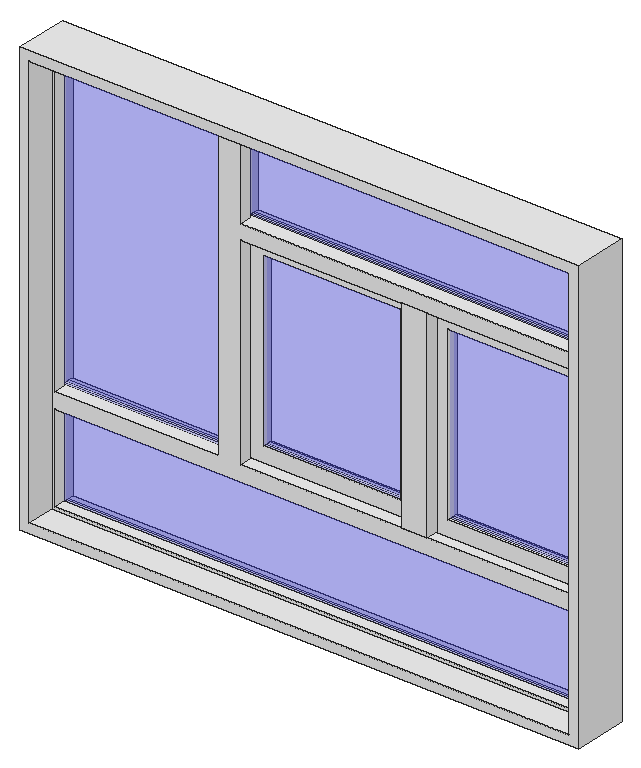
Revit family "M_Janela-batente-duplo-caixilho-variável", category Janelas, Revit 2019
Family settings
  Hospedeiro = Parede
  Número OmniClass = 23.30.20.00
  Título OmniClass = Windows
  Sempre na vertical = Sim
  Corte com vazios quando carregada = Não
  Compartilhado = Não
  Ponto de cálculo do ambiente = Não
Parameters (values of type "1550 x 1200mm")
  Janela aplicada [instance] = 15.9 mm
  Espessura da parede [instance] = 150 mm
  Visual Light Transmittance = 0.81
  Coeficiente da altura da travessa = 0.25
  Altura da travessa = Coeficiente da altura da travessa * Altura  # 300 mm
  Resistência térmica (R) = 0.319569 (m²·K)/W
  Solar Heat Gain Coefficient = 0.76
  Largura bruta = Largura + 15 mm  # 1565 mm
  Altura bruta = Altura + 15 mm  # 1215 mm
  Altura da abertura da janela = Altura - Altura da travessa * 2  # 600 mm
  Coeficiente de transferência de calor (U) = 3.12929 W/(m²·K)
  Material da moldura = Metal - Alum
  Altura = 1200 mm
  Material do painel de vidro = Vidro
  Intervalo da moldura 3 [instance] = Intervalo da moldura 1 + 6.4 mm  # 41.92 mm
  Intervalo da moldura 2 [instance] = if(Janela aplicada > 15.9 mm, Janela aplicada, 15.9 mm)  # 15.9 mm
  Intervalo da moldura 1 = 35.52 mm
  Largura da janela = Largura / 3  # 516.667 mm
  Classificação de incêndio = "0.5h"
  Altura-padrão do peitoril = 900 mm
  Fechamento da parede = Por hospedeiro
  Largura = 1550 mm
  Código de montagem = "B2020100"
  Construção analítica = "Vidraça dupla – residencial"
Types (4, lengths in mm): name | Janela aplicada | Coeficiente da altura da travessa | Altura da travessa | Largura bruta | Altura bruta | Altura da abertura da janela | Altura | Largura da janela | Largura
  (no name) | 15.9 | 0.25 | 300 | 1565 | 1215 | 600 | 1200 | 516.667 | 1550
  1800 x 1350mm | 15.875 | 0.3 | 405 | 1815 | 1365 | 540 | 1350 | 600 | 1800
  1550 x 1200mm | 15.9 | 0.25 | 300 | 1565 | 1215 | 600 | 1200 | 516.667 | 1550
  2150 x 1500mm | 15.875 | 0.3 | 450 | 2165 | 1515 | 600 | 1500 | 716.667 | 2150
Reference planes
  plane 1 "Centro (Frente/Trás)": y = 0
  plane 2: z = 0
  plane 3 "Centro (Esquerda/Direita)": x = 0
  plane 4 "Esquerda": x = -775
  plane 5 "Direita": x = 775
  plane 6 "Peitoril": z = 900
  plane 7 "Extremidade superior": z = 2100
  plane 8 "Exterior": y = 75
  plane 9 "Interior": y = -75
  plane 10 "Vidro 1": y = 59.1
  plane 11: y = 1.95
  plane 12: x = -749.6
  plane 13: x = 749.6
  plane 14: y = 33.7
  plane 15: x = -739.48
  plane 16: x = 739.48
  plane 17: x = -258.333
  plane 18: x = 258.333
  plane 19: x = -283.733
  plane 20: x = -232.933
  plane 21: x = 232.933
  plane 22: x = 283.733
  plane 23: x = -293.854
  plane 24: x = -222.813
  plane 25: x = 222.813
  plane 26: x = 293.854
  plane 27: z = 2074.6
  plane 28: z = 925.4
  plane 29 "Deslocamento do caixilho": y = 65.45
  plane 30: y = 75
  plane 31: x = -707.68
  plane 32: x = -325.654
  plane 33: x = -191.013
  plane 34: x = 191.013
  plane 35: x = 325.654
  plane 36: x = 707.68
  plane 37: z = 935.52
  plane 38: z = 2064.48
  plane 39 "Travessa inferior": z = 1220.96
  plane 40 "Vidro 2": y = 52.75
  plane 41 "Vidro 3": y = 46.4
  plane 42 "Vidro 4": y = 40.05
  plane 43: z = 1500
  plane 44 "Deslocamento do montante": y = 71.8
  plane 45: z = 1179.04
  plane 46: z = 1779.04
  plane 47: z = 1820.96
  plane 48: z = 1800
  plane 49: z = 1200
Forms (mm)
  Sweep 1, solid, material "Metal - Alum" <- "Material da moldura"
    path origin (0, 0, 0) x (1, 0, 0) y (0, 0, 1)
      loop
        line (-775, 900) -> (775, 900) -> (775, 2100) -> (-775, 2100) -> (-775, 900)
    profile origin (-775, 0, 1500) x (-1, 0, 0) y (0, -1, 0)
      loop
        line (0, -75) -> (0, 75) -> (-25.4, 75) -> (-25.4, -1.95) -> (-35.52, -1.95) -> (-35.52, -33.7) -> (-25.4, -33.7) -> (-25.4, -75) -> (0, -75)
  Extrusion 2, solid, material "Metal - Alum" <- "Material da moldura"
    sketch origin (0, 0, 900) x (0, -1, 0) y (1, 0, 0)
      loop
        line (-71.8, -283.733) -> (-1.95, -283.733) -> (-1.95, -222.813) -> (-33.7, -222.813) -> (-33.7, -232.933) -> (-71.8, -232.933) -> (-71.8, -283.733)
    from 320.96 to 1174.6
  Extrusion 3, solid, material "Vidro" <- "Material do painel de vidro"
    sketch origin (0, 0, 900) x (0, -1, 0) y (1, 0, 0)
      loop
        line (-59.1, 325.654) -> (-52.75, 325.654) -> (-52.75, 707.68) -> (-59.1, 707.68) -> (-59.1, 325.654)
      loop
        line (-46.4, 325.654) -> (-40.05, 325.654) -> (-40.05, 707.68) -> (-46.4, 707.68) -> (-46.4, 325.654)
      loop
        line (-59.1, -191.013) -> (-52.75, -191.013) -> (-52.75, 191.013) -> (-59.1, 191.013) -> (-59.1, -191.013)
      loop
        line (-46.4, -191.013) -> (-40.05, -191.013) -> (-40.05, 191.013) -> (-46.4, 191.013) -> (-46.4, -191.013)
    from 362.88 to 837.12
  Extrusion 4, solid, material "Metal - Alum" <- "Material da moldura"
    sketch origin (-191.013, 186.465, 1219.2) x (0, 1, 0) y (0, 0, 1)
      loop
        line (-114.665, 1.76) -> (-184.515, 1.76) -> (-184.515, -40.16) -> (-114.665, -40.16) -> (-114.665, 1.76)
    from -558.587 to 940.613
  Extrusion 5, solid, material "Vidro" <- "Material do painel de vidro"
    sketch origin (0, 0, 900) x (0, -1, 0) y (1, 0, 0)
      loop
        line (-59.1, -749.6) -> (-52.75, -749.6) -> (-52.75, -283.733) -> (-59.1, -283.733) -> (-59.1, -749.6)
      loop
        line (-46.4, -749.6) -> (-40.05, -749.6) -> (-40.05, -283.733) -> (-46.4, -283.733) -> (-46.4, -749.6)
    from 320.96 to 1174.6
  Extrusion 6, solid, material "Metal - Alum" <- "Material da moldura"
    sketch origin (775, 0, 0) x (0, -1, 0) y (0, 0, 1)
      loop
        line (-71.8, 1779.04) -> (-1.95, 1779.04) -> (-1.95, 1820.96) -> (-71.8, 1820.96) -> (-71.8, 1779.04)
    from 25.4 to 1007.933
  Extrusion 7, solid, material "Metal - Alum" <- "Material da moldura"
    sketch origin (0, 0, 900) x (0, -1, 0) y (1, 0, 0)
      loop
        line (-71.8, 232.933) -> (-33.7, 232.933) -> (-33.7, 222.813) -> (-1.95, 222.813) -> (-1.95, 293.854) -> (-33.7, 293.854) -> (-33.7, 283.733) -> (-71.8, 283.733) -> (-71.8, 232.933)
    from 320.96 to 879.04
  Extrusion 8, solid, material "Vidro" <- "Material do painel de vidro"
    sketch origin (0, 0, 900) x (0, -1, 0) y (1, 0, 0)
      loop
        line (-46.4, -232.933) -> (-40.05, -232.933) -> (-40.05, 749.6) -> (-46.4, 749.6) -> (-46.4, -232.933)
      loop
        line (-59.1, -232.933) -> (-52.75, -232.933) -> (-52.75, 749.6) -> (-59.1, 749.6) -> (-59.1, -232.933)
    from 920.96 to 1174.6
  Extrusion 9, solid, material "Vidro" <- "Material do painel de vidro"
    sketch origin (0, 0, 900) x (0, -1, 0) y (1, 0, 0)
      loop
        line (-59.1, -749.6) -> (-52.75, -749.6) -> (-52.75, 749.6) -> (-59.1, 749.6) -> (-59.1, -749.6)
      loop
        line (-46.4, -749.6) -> (-40.05, -749.6) -> (-40.05, 749.6) -> (-46.4, 749.6) -> (-46.4, -749.6)
    from 25.4 to 279.04
  Sweep 10, solid, material "Metal - Alum" <- "Material da moldura"
    path origin (-474.87, 65.45, 1219.2) x (-1, 0, 0) y (0, 0, 1)
      loop
        line (-1224.47, 1.76) -> (-758.604, 1.76) -> (-758.604, 559.84) -> (-1224.47, 559.84) -> (-1224.47, 1.76)
    profile origin (749.6, 65.45, 1500) x (1, 0, 0) y (0, 1, 0)
      loop
        line (-41.92, 0) -> (-41.92, -31.75) -> (0, -31.75) -> (0, 0) -> (-41.92, 0)
  Sweep 11, solid, material "Metal - Alum" <- "Material da moldura"
    path origin (-474.87, 65.45, 1219.2) x (-1, 0, 0) y (0, 0, 1)
      loop
        line (-707.804, 1.76) -> (-241.937, 1.76) -> (-241.937, 559.84) -> (-707.804, 559.84) -> (-707.804, 1.76)
    profile origin (232.933, 65.45, 1500) x (1, 0, 0) y (0, 1, 0)
      loop
        line (0, 0) -> (-41.92, 0) -> (-41.92, -25.4) -> (0, -25.4) -> (0, 0)
Cuts and joins
  joined: Sweep 1, Extrusion 2, Extrusion 4, Extrusion 6
Lines and regions (mm)
  Opening 1
    outline origin (-1524, -75, 0) x (1, 0, 0) y (0, 0, 1)
      loop
        line (749, 2100) -> (749, 900) -> (2299, 900) -> (2299, 2100) -> (749, 2100)
  symbolic lines, style "Giro da elevação"
    curve 1: line (283.733, 65.45, 1779.04) -> (749.6, 65.45, 1500)
    curve 2: line (749.6, 65.45, 1500) -> (283.733, 65.45, 1220.96)
    curve 3: line (232.933, 65.45, 1779.04) -> (-232.933, 65.45, 1500)
    curve 4: line (-232.933, 65.45, 1500) -> (232.933, 65.45, 1220.96)
Text (mm)
  text "EXTERIOR" at (-1490.695, 1293.036, 0), in view "Nível de referência"
  text "INTERIOR" at (-1490.695, -959.266, 0), in view "Nível de referência"
  text "Exterior" at (0, 1108.87, 3129.179), in view "Esquerda"
  text "Exterior" at (0, 464.664, 3176.206), in view "Direita"
Dimensions and locks
  equal spacing: plane 4 "Esquerda", plane 3 "Centro (Esquerda/Direita)", plane 5 "Direita"
  "Largura": plane 4 "Esquerda" to plane 5 "Direita"
  "Altura": plane 6 "Peitoril" to plane 7 "Extremidade superior"
  "Altura-padrão do peitoril": plane 2 to plane 6 "Peitoril"
  locked: plane 4 "Esquerda" to plane 12 at 25.4
  locked: plane 13 to plane 5 "Direita" at 25.4
  "Intervalo da moldura 1": plane 4 "Esquerda" to plane 15
  "Intervalo da moldura 1": plane 16 to plane 5 "Direita"
  locked: plane 14 to plane 11 at 31.75
  equal spacing: plane 4 "Esquerda", plane 17, plane 18, plane 5 "Direita"
  locked: plane 19 to plane 17 at 25.4
  locked: plane 17 to plane 20 at 25.4
  locked: plane 21 to plane 18 at 25.4
  locked: plane 18 to plane 22 at 25.4
  "Intervalo da moldura 1": plane 23 to plane 17
  "Intervalo da moldura 1": plane 17 to plane 24
  "Intervalo da moldura 1": plane 25 to plane 18
  "Intervalo da moldura 1": plane 18 to plane 26
  locked: plane 7 "Extremidade superior" to plane 27 at 25.4
  locked: plane 28 to plane 6 "Peitoril" at 25.4
  "Intervalo da moldura 2": plane 30 to plane 10 "Vidro 1"
  "Intervalo da moldura 3": plane 12 to plane 31
  "Intervalo da moldura 3": plane 32 to plane 19
  "Intervalo da moldura 3": plane 20 to plane 33
  "Intervalo da moldura 3": plane 34 to plane 21
  "Intervalo da moldura 3": plane 22 to plane 35
  "Intervalo da moldura 3": plane 36 to plane 13
  "Intervalo da moldura 1": plane 6 "Peitoril" to plane 37
  "Intervalo da moldura 1": plane 38 to plane 7 "Extremidade superior"
  locked: plane 10 "Vidro 1" to plane 40 "Vidro 2" at 6.35
  locked: plane 40 "Vidro 2" to plane 41 "Vidro 3" at 6.35
  locked: plane 41 "Vidro 3" to plane 42 "Vidro 4" at 6.35
  locked: plane 10 "Vidro 1" to plane 14 at 25.4
  locked: plane 29 "Deslocamento do caixilho" to plane 10 "Vidro 1" at 6.35
  locked: plane 44 "Deslocamento do montante" to plane 29 "Deslocamento do caixilho" at 6.35
  "Intervalo da moldura 3": plane 45 to plane 39 "Travessa inferior"
  "Intervalo da moldura 3": plane 46 to plane 47
  equal spacing: plane 45, plane 43, plane 47
  "Janela aplicada": plane 8 "Exterior" to plane 10 "Vidro 1"
  "Espessura da parede": host wall to host wall
  equal spacing: plane 46, plane 48, plane 47
  "Altura da travessa": plane 48 to plane 7 "Extremidade superior"
  equal spacing: plane 45, plane 49, plane 39 "Travessa inferior"
  "Altura da travessa": plane 6 "Peitoril" to plane 49
  aligned and locked: plane 7 "Extremidade superior" to Opening 1 sketch curve
  aligned and locked: plane 6 "Peitoril" to Opening 1 sketch curve  (x2)
  aligned and locked: plane 5 "Direita" to Opening 1 sketch curve
  aligned and locked: plane 4 "Esquerda" to Opening 1 sketch curve
  aligned and locked: level to plane 2
  aligned and locked: host wall to plane 8 "Exterior"
  aligned and locked: plane 9 "Interior" to host wall
  aligned and locked: Sweep 1 sketch curve to plane 4 "Esquerda"  (x2)
  aligned and locked: plane 7 "Extremidade superior" to Sweep 1 sketch curve  (x2)
  aligned and locked: plane 5 "Direita" to Sweep 1 sketch curve  (x2)
  aligned and locked: plane 6 "Peitoril" to Sweep 1 sketch curve  (x2)
  aligned and locked: plane 4 "Esquerda" to Sweep 1 sketch curve  (x2)
  aligned and locked: Sweep 1 sketch curve to plane 14
  aligned and locked: Sweep 1 sketch curve to plane 15
  aligned and locked: plane 11 to Sweep 1 sketch curve  (x2)
  aligned and locked: plane 9 "Interior" to Sweep 1 sketch curve  (x2)
  aligned and locked: plane 12 to Sweep 1 sketch curve  (x2)
  aligned and locked: plane 15 to Sweep 1 sketch curve
  aligned and locked: plane 14 to Sweep 1 sketch curve
  aligned and locked: Extrusion 2 to Sweep 1
  aligned and locked: plane 30 to Sweep 1 sketch curve  (x2)
  aligned and locked: plane 10 "Vidro 1" to Extrusion 3 sketch curve
  aligned and locked: Extrusion 3 sketch curve to plane 35  (x2)
  aligned and locked: Extrusion 3 sketch curve to plane 40 "Vidro 2"  (x2)
  aligned and locked: plane 36 to Extrusion 3 sketch curve  (x2)
  aligned and locked: plane 41 "Vidro 3" to Extrusion 3 sketch curve  (x2)
  aligned and locked: Extrusion 3 sketch curve to plane 42 "Vidro 4"  (x2)
  aligned and locked: nested 1 to plane 5 "Direita"
  aligned and locked: plane 18 to nested 1
  aligned and locked: plane 13 to curve 2
  aligned and locked: plane 43 to curve 1
  aligned and locked: plane 22 to curve 2
  aligned and locked: plane 44 "Deslocamento do montante" to Extrusion 2
  aligned and locked: plane 13 to Extrusion 4
  aligned and locked: plane 10 "Vidro 1" to Extrusion 5 sketch curve
  aligned and locked: Extrusion 5 sketch curve to plane 12  (x2)
  aligned and locked: Extrusion 5 sketch curve to plane 40 "Vidro 2"
  aligned and locked: Extrusion 5 sketch curve to plane 41 "Vidro 3"
  aligned and locked: Extrusion 5 sketch curve to plane 42 "Vidro 4"
  aligned and locked: plane 19 to Extrusion 5 sketch curve
  aligned and locked: plane 27 to Extrusion 5
  aligned and locked: Extrusion 5 to plane 39 "Travessa inferior"
  aligned and locked: Extrusion 2 to plane 39 "Travessa inferior"
  aligned and locked: Extrusion 4 to plane 12
  aligned and locked: plane 13 to Extrusion 6
  aligned and locked: Extrusion 6 to plane 20
  aligned and locked: plane 39 "Travessa inferior" to Extrusion 4 sketch curve
  aligned and locked: Extrusion 4 sketch curve to plane 45
  aligned and locked: Extrusion 4 sketch curve to plane 11
  aligned and locked: Extrusion 2 sketch curve to plane 19
  aligned and locked: Extrusion 2 sketch curve to plane 11
  aligned and locked: Extrusion 2 sketch curve to plane 24
  aligned and locked: Extrusion 2 sketch curve to plane 44 "Deslocamento do montante"
  aligned and locked: plane 20 to Extrusion 2 sketch curve  (x2)
  aligned and locked: plane 14 to Extrusion 2 sketch curve  (x2)
  aligned and locked: plane 24 to Extrusion 2 sketch curve
  aligned and locked: plane 19 to Extrusion 2 sketch curve
  aligned and locked: plane 11 to Extrusion 2 sketch curve
  aligned and locked: Extrusion 7 sketch curve to plane 44 "Deslocamento do montante"
  aligned and locked: Extrusion 7 sketch curve to plane 14  (x2)
  aligned and locked: plane 25 to Extrusion 7 sketch curve
  aligned and locked: Extrusion 7 sketch curve to plane 26
  aligned and locked: plane 11 to Extrusion 7 sketch curve  (x2)
  aligned and locked: plane 21 to Extrusion 7 sketch curve  (x2)
  aligned and locked: plane 22 to Extrusion 7 sketch curve  (x2)
  aligned and locked: plane 44 "Deslocamento do montante" to Extrusion 7 sketch curve
  aligned and locked: plane 14 to Extrusion 7 sketch curve  (x2)
  aligned and locked: plane 46 to Extrusion 7
  aligned and locked: Extrusion 7 to plane 39 "Travessa inferior"
  aligned and locked: Extrusion 3 sketch curve to plane 33  (x2)
  aligned and locked: plane 34 to Extrusion 3 sketch curve  (x2)
  aligned and locked: Extrusion 8 to plane 47
  aligned and locked: plane 27 to Extrusion 8
  aligned and locked: plane 10 "Vidro 1" to Extrusion 9 sketch curve
  aligned and locked: Extrusion 9 sketch curve to plane 12  (x2)
  aligned and locked: Extrusion 9 sketch curve to plane 40 "Vidro 2"
  aligned and locked: plane 13 to Extrusion 9 sketch curve  (x2)
  aligned and locked: Extrusion 9 sketch curve to plane 41 "Vidro 3"
  aligned and locked: Extrusion 9 sketch curve to plane 42 "Vidro 4"
  aligned and locked: plane 46 to curve 1
  aligned and locked: plane 22 to curve 1
  aligned and locked: plane 39 "Travessa inferior" to curve 2
  aligned and locked: plane 21 to curve 3
  aligned and locked: plane 46 to curve 3
  aligned and locked: plane 43 to curve 4
  aligned and locked: plane 20 to curve 4
  aligned and locked: plane 45 to Extrusion 9
  aligned and locked: Extrusion 9 to plane 28
  aligned and locked: Sweep 10 sketch curve to profile plane
  aligned and locked: plane 36 to Sweep 10 sketch curve
  aligned and locked: Sweep 10 sketch curve to cut or joined group of Sweep 1, Extrusion 2, Extrusion 4, Extrusion 6
  aligned and locked: cut or joined group of Sweep 1, Extrusion 2, Extrusion 4, Extrusion 6 to Sweep 10 sketch curve
  aligned and locked: Sweep 10 sketch curve to plane 46
  aligned and locked: plane 46 to Sweep 10 sketch curve
  aligned and locked: plane 39 "Travessa inferior" to Sweep 10 sketch curve  (x2)
  aligned and locked: plane 13 to Sweep 10 sketch curve  (x2)
  aligned and locked: plane 22 to Sweep 10 sketch curve  (x2)
  aligned and locked: Extrusion 3 to Sweep 10  (x2)
  aligned and locked: Sweep 11 sketch curve to plane 46
  aligned and locked: plane 21 to Sweep 11 sketch curve  (x2)
  aligned and locked: plane 39 "Travessa inferior" to Sweep 11 sketch curve  (x2)
  aligned and locked: plane 46 to Sweep 11 sketch curve
  aligned and locked: plane 20 to Sweep 11 sketch curve  (x2)
  aligned and locked: profile plane to Sweep 11 sketch curve
  aligned and locked: Sweep 11 sketch curve to profile plane
  aligned and locked: Extrusion 9 to Sweep 11 sketch curve
  aligned and locked: Sweep 11 sketch curve to plane 34
  aligned and locked: Extrusion 6 sketch curve to plane 44 "Deslocamento do montante"
  aligned and locked: Extrusion 6 sketch curve to plane 47
  aligned and locked: plane 46 to Extrusion 6 sketch curve
  aligned and locked: plane 11 to Extrusion 6 sketch curve
  aligned and locked: plane 47 to Extrusion 6 sketch curve
  aligned and locked: Extrusion 9 to Extrusion 8 sketch curve
  aligned and locked: Extrusion 8 sketch curve to plane 20  (x2)
  aligned and locked: Extrusion 8 sketch curve to Extrusion 9  (x4)
  aligned and locked: plane 10 "Vidro 1" to Extrusion 8 sketch curve
  aligned and locked: nested 1 to plane 8 "Exterior"
  aligned and locked: nested 2 to plane 4 "Esquerda"
  aligned and locked: nested 2 to plane 8 "Exterior"
  aligned and locked: plane 39 "Travessa inferior" to nested 2
  aligned and locked: plane 17 to nested 3
  aligned and locked: nested 3 to plane 8 "Exterior"
  aligned and locked: plane 46 to nested 3
  aligned and locked: nested 1 to plane 7 "Extremidade superior"
  aligned and locked: Extrusion 4 sketch curve to plane 44 "Deslocamento do montante"
  aligned and locked: plane 39 "Travessa inferior" to curve 4
  aligned and locked: plane 21 to curve 4
Automatic sketch dimensions
  Extrusion 5 sketch curve to plane 40 "Vidro 2" = 0 mm
  Extrusion 5 sketch curve to plane 19 = 0 mm
  Extrusion 3 sketch curve to plane 10 "Vidro 1" = 0 mm
  Extrusion 3 sketch curve to plane 42 "Vidro 4" = 0 mm
Nested families
  nested 1: "M_Plano-Batente" at (516.667, 75, 1800), Janela aplicada <- "Janela aplicada", Espessura da parede <- "Espessura da parede", Largura <- "Largura da janela", Altura <- "Altura da travessa", type "M_Plano-Batente"
    with Janela aplicada de 3D 2.9 mm, Janela aplicada 15.9 mm, Largura 516.667 mm, Espessura da parede 150 mm, Linha superior yes, Linha à direita yes, RH yes, Linha à esquerda no, LH no, Altura 300 mm, Linha inferior no
  nested 2: "M_Plana-fixa_simples" at (-516.667, 75, 920.96), Janela aplicada <- "Janela aplicada", Largura <- "Largura da janela", Espessura da parede <- "Espessura da parede", Altura <- "Altura da travessa", type "M_Plana-fixa_simples"
    with Janela aplicada de 3D 2.9 mm, Janela aplicada 15.9 mm, Largura 516.667 mm, Espessura da parede 150 mm, Linha superior no, Linha à direita no, Linha à esquerda yes, Altura 300 mm, Linha inferior yes
  nested 3: "M_Plano-Batente" at (0, 75, 1179.04), Janela aplicada <- "Janela aplicada", Altura <- "Altura da abertura da janela", Espessura da parede <- "Espessura da parede", Largura <- "Largura da janela", type "M_Plano-Batente"
    with Janela aplicada de 3D 2.9 mm, Janela aplicada 15.9 mm, Largura 516.667 mm, Espessura da parede 150 mm, Linha superior no, Linha à direita no, RH no, Linha à esquerda no, LH yes, Altura 600 mm, Linha inferior no
Definition of nested family "M_Plano-Batente"
  Parameters (values of type "M_Plano-Batente")
    Janela aplicada [instance] = 25 mm
    Janela aplicada de 3D [instance] = if(Janela aplicada - 13 mm < 0 mm, 0 mm, if(Janela aplicada - 13 mm < Espessura da parede - 90 mm, Janela aplicada - 13 mm, Espessura da parede - 90 mm))  # 12 mm
    Width [instance] = 1200 mm
    Espessura da parede [instance] = 150 mm
    Linha superior [instance] = yes
    Linha à direita [instance] = yes
    RH [instance] = yes
    Linha à esquerda [instance] = yes
    LH [instance] = yes
    Height [instance] = 900 mm
    Default Elevation = 1200 mm
    Linha inferior [instance] = yes
    Analytic Construction = "<Nenhum>"
  Reference planes
    plane 1 "Centro (Frente/Trás)": y = 0
    plane 2: z = 0
    plane 3 "Centro (Esquerda/Direita)": x = 0
    plane 4: x = -600
    plane 5: x = 600
    plane 6 "Umbral": y = -100.9
    plane 7: x = -587.3
    plane 8: x = -568.25
    plane 9: y = -12
    plane 10: y = -56.45
    plane 11: y = -34.225
    plane 12: x = -530.15
    plane 13: x = 587.3
    plane 14: x = 568.25
    plane 15: x = 530.15
    plane 16 "Janela aplicada": y = -24.7
    plane 17 "Parede": y = -150
    plane 18: z = 900
    plane 19: z = 887.3
    plane 20: z = 12.7
    plane 21: z = 868.25
    plane 22: z = 31.75
    plane 23: z = 830.15
    plane 24: z = 69.85
  Lines and regions (mm)
    Masking region 1
      outline origin (0, 19.05, 0) x (1, 0, 0) y (0, 1, 0)
        loop
          line (-600, -19.05) -> (-600, -169.05) -> (600, -169.05) -> (600, -19.05) -> (-600, -19.05)
    Masking region 2
      outline origin (0, 0, 0) x (0, 1, 0) y (0, 0, 1)
        loop
          line (0, 900) -> (-150, 900) -> (-150, 0) -> (0, 0) -> (0, 900)
    symbolic lines
      curve 1: line (-587.3, -56.45, 0) -> (-568.25, -56.45, 0)
      curve 2: line (-568.25, -56.45, 0) -> (-568.25, -100.9, 0)
      curve 3: line (-587.3, -12, 0) -> (-587.3, -56.45, 0)
      curve 4: line (-530.15, -12, 0) -> (-530.15, -56.45, 0)
      curve 5: line (-530.15, -56.45, 0) -> (-568.25, -56.45, 0)
      curve 6: line (-530.15, -34.225, 0) -> (530.15, -34.225, 0)
      curve 7: line (587.3, -56.45, 0) -> (568.25, -56.45, 0)
      curve 8: line (568.25, -56.45, 0) -> (568.25, -100.9, 0)
      curve 9: line (587.3, -12, 0) -> (587.3, -56.45, 0)
      curve 10: line (530.15, -12, 0) -> (530.15, -56.45, 0)
      curve 11: line (530.15, -56.45, 0) -> (568.25, -56.45, 0)
      curve 14: line (-600, -100.9, 0) -> (-568.25, -100.9, 0)
      curve 15: line (568.25, -100.9, 0) -> (600, -100.9, 0)
      curve 16: line (568.25, -100.9, 0) -> (-568.25, -100.9, 0)
      curve 17: line (0, -12, 887.3) -> (0, -56.45, 887.3)
      curve 18: line (0, -56.45, 868.25) -> (0, -100.9, 868.25)
      curve 19: line (0, -12, 12.7) -> (0, -56.45, 12.7)
      curve 20: line (0, -56.45, 12.7) -> (0, -56.45, 69.85)
      curve 21: line (0, -56.45, 31.75) -> (0, -100.9, 31.75)
      curve 22: line (0, -12, 900) -> (0, -12, 830.15)
      curve 23: line (0, -12, 830.15) -> (0, -56.45, 830.15)
      curve 24: line (0, -56.45, 69.85) -> (0, -12, 69.85)
      curve 25: line (0, -34.225, 69.85) -> (0, -34.225, 830.15)
      curve 28: line (0, -56.45, 887.3) -> (0, -56.45, 830.15)
      curve 29: line (530.15, -12, 0) -> (600, -12, 0)
      curve 30: line (-530.15, -12, 0) -> (-600, -12, 0)
      curve 31: line (0, -12, 69.85) -> (0, -12, 0)
      curve 32: line (-530.15, -12, 0) -> (530.15, -12, 0)
      curve 33: line (0, -12, 830.15) -> (0, -12, 69.85)
      curve 38: line (0, -100.9, 31.75) -> (0, -100.9, 868.25)
      curve 39: line (0, -100.9, 31.75) -> (0, -100.9, 0)
      curve 40: line (0, -100.9, 900) -> (0, -100.9, 868.25)
    symbolic lines, visible <- "RH"
      curve 12: arc (-587.3, -12, 0) -> (-497.889, 437.5, 0) -> (-243.268, 818.568, 0) r 1174.6
      curve 26: line (587.3, -12, 0) -> (-243.268, 818.568, 0)
    symbolic lines, visible <- "LH"
      curve 13: line (-587.3, -12, 0) -> (243.268, 818.568, 0)
      curve 27: arc (587.3, -12, 0) -> (497.889, 437.5, 0) -> (243.268, 818.568, 0) r 1174.6
    symbolic lines, visible <- "Linha à direita"
      curve 34: line (600, 0, 0) -> (600, -150, 0)
    symbolic lines, visible <- "Linha à esquerda"
      curve 35: line (-600, 0, 0) -> (-600, -150, 0)
    symbolic lines, visible <- "Linha superior"
      curve 36: line (0, 0, 900) -> (0, -150, 900)
    symbolic lines, visible <- "Linha inferior"
      curve 37: line (0, 0, 0) -> (0, -150, 0)
  Dimensions and locks
    "Width": plane 4 to plane 5
    equal spacing: plane 4, plane 3 "Centro (Esquerda/Direita)", plane 5
    plane 4 to plane 7 to plane 8 = 12.7 mm locked, 19.05 mm locked
    equal spacing: plane 9, plane 11, plane 10
    locked: plane 7 to plane 12 at 57.15
    plane 5 to plane 13 to plane 14 = 12.7 mm locked, 19.05 mm locked
    locked: plane 13 to plane 15 at 57.15
    locked: plane 9 to plane 16 "Janela aplicada" at 12.7
    locked: plane 9 to plane 10 at 44.45
    "Espessura da parede": plane 17 "Parede" to plane 1 "Centro (Frente/Trás)"
    "Height": plane 18 to plane 2
    locked: plane 18 to plane 19 at 12.7
    locked: plane 20 to plane 2 at 12.7
    locked: plane 19 to plane 21 at 19.05
    locked: plane 22 to plane 20 at 19.05
    locked: plane 19 to plane 23 at 57.15
    locked: plane 24 to plane 20 at 57.15
    locked: plane 10 to plane 6 "Umbral" at 44.45
    "Janela aplicada de 3D": plane 9 to plane 1 "Centro (Frente/Trás)"
    locked: plane 9 to curve 13 (angle 45.00°)
    angle curve 26 to plane 16 "Janela aplicada" = 45.00°
    aligned and locked: plane 2 to level
    aligned and locked: curve 2 to plane 8
    aligned and locked: curve 1 to plane 10
    aligned and locked: plane 14 to curve 8
    aligned and locked: curve 14 to plane 6 "Umbral"
    aligned and locked: curve 15 to plane 6 "Umbral"
    aligned and locked: plane 21 to curve 18
    aligned and locked: plane 19 to curve 17
    aligned and locked: plane 22 to curve 21
    aligned and locked: plane 10 to curve 20
    aligned and locked: plane 20 to curve 19
    aligned and locked: curve 22 to plane 9
    aligned and locked: plane 23 to curve 23
    aligned and locked: curve 24 to plane 24
    aligned and locked: plane 11 to curve 25
    aligned and locked: plane 13 to curve 27
    aligned and locked: plane 9 to curve 13
    aligned and locked: plane 9 to curve 26
    aligned and locked: plane 5 to curve 29
    aligned and locked: plane 18 to curve 22
    aligned and locked: plane 9 to curve 17
    aligned and locked: plane 9 to curve 19
    aligned and locked: plane 9 to curve 3
    aligned and locked: plane 9 to curve 9
    aligned and locked: curve 28 to plane 10
    aligned and locked: plane 19 to curve 28
    aligned and locked: plane 23 to curve 28
    aligned and locked: plane 4 to curve 30
    aligned and locked: plane 9 to curve 31
    aligned and locked: plane 2 to curve 31
    aligned and locked: curve 32 to plane 9
    aligned and locked: plane 12 to curve 32
    aligned and locked: plane 15 to curve 32
    aligned and locked: plane 24 to curve 33
    aligned and locked: plane 1 "Centro (Frente/Trás)" to curve 34
    aligned and locked: plane 17 "Parede" to curve 34
    aligned and locked: curve 34 to plane 5
    aligned and locked: plane 17 "Parede" to curve 35
    aligned and locked: plane 1 "Centro (Frente/Trás)" to curve 35
    aligned and locked: curve 35 to plane 4
    aligned and locked: plane 17 "Parede" to curve 37
    aligned and locked: plane 1 "Centro (Frente/Trás)" to curve 37
    aligned and locked: curve 37 to plane 2
    aligned and locked: plane 17 "Parede" to curve 36
    aligned and locked: plane 1 "Centro (Frente/Trás)" to curve 36
    aligned and locked: curve 36 to plane 18
    aligned and locked: plane 1 "Centro (Frente/Trás)" to Masking region 1 sketch curve
    aligned and locked: plane 17 "Parede" to Masking region 1 sketch curve
    aligned and locked: plane 4 to Masking region 1 sketch curve
    aligned and locked: Masking region 1 sketch curve to plane 5
    aligned and locked: plane 2 to Masking region 2 sketch curve
    aligned and locked: Masking region 2 sketch curve to plane 18
    aligned and locked: plane 1 "Centro (Frente/Trás)" to Masking region 2 sketch curve
    aligned and locked: plane 17 "Parede" to Masking region 2 sketch curve
    aligned and locked: plane 6 "Umbral" to curve 21
    aligned and locked: plane 6 "Umbral" to curve 18
    aligned and locked: plane 10 to curve 18
    aligned and locked: plane 10 to curve 21
    aligned and locked: plane 22 to curve 39
    aligned and locked: plane 21 to curve 40
    aligned and locked: plane 6 "Umbral" to curve 40
  Automatic sketch dimensions
    curve 3 to plane 7 = 0 mm
    curve 27 to plane 7 = 0 mm
    curve 12 to plane 13 = 0 mm
    curve 7 to plane 10 = 0 mm
    curve 6 to plane 11 = 0 mm
Definition of nested family "M_Plana-fixa_simples"
  Parameters (values of type "M_Plana-fixa_simples")
    Janela aplicada [instance] = 25 mm
    Janela aplicada de 3D [instance] = if(Janela aplicada - 13 mm < 0 mm, 0 mm, if(Janela aplicada - 13 mm < Espessura da parede - 90 mm, Janela aplicada - 13 mm, Espessura da parede - 90 mm))  # 12 mm
    Width [instance] = 1200 mm
    Espessura da parede [instance] = 150 mm
    Linha superior [instance] = yes
    Linha à direita [instance] = yes
    Linha à esquerda [instance] = yes
    Height [instance] = 900 mm
    Default Elevation = 1200 mm
    Linha inferior [instance] = yes
    Analytic Construction = "<Nenhum>"
  Reference planes
    plane 1 "Centro (Frente/Trás)": y = 0
    plane 2: z = 0
    plane 3 "Centro (Esquerda/Direita)": x = 0
    plane 4: x = -600
    plane 5: x = 600
    plane 6 "Umbral": y = -100.9
    plane 7: x = -587.3
    plane 8: y = -12
    plane 9: y = -56.45
    plane 10: y = -34.225
    plane 11: x = 587.3
    plane 12 "Janela aplicada": y = -24.7
    plane 13 "Parede": y = -150
    plane 14: z = 900
    plane 15: z = 887.3
    plane 16: z = 12.7
    plane 17: z = 868.25
    plane 18: z = 31.75
    plane 19: z = 830.15
    plane 20: z = 69.85
  Lines and regions (mm)
    Masking region 1
      outline origin (0, 19.05, 0) x (1, 0, 0) y (0, 1, 0)
        loop
          line (-600, -19.05) -> (-600, -169.05) -> (600, -169.05) -> (600, -19.05) -> (-600, -19.05)
    Masking region 2
      outline origin (0, 0, 0) x (0, 1, 0) y (0, 0, 1)
        loop
          line (-150, 0) -> (0, 0) -> (0, 900) -> (-150, 900) -> (-150, 0)
    symbolic lines
      curve 1: line (-587.3, -12, 0) -> (-587.3, -100.9, 0)
      curve 2: line (-587.3, -34.225, 0) -> (587.3, -34.225, 0)
      curve 3: line (587.3, -12, 0) -> (587.3, -100.9, 0)
      curve 4: line (-600, -100.9, 0) -> (-587.3, -100.9, 0)
      curve 5: line (587.3, -100.9, 0) -> (600, -100.9, 0)
      curve 6: line (587.3, -100.9, 0) -> (-587.3, -100.9, 0)
      curve 7: line (0, -12, 887.3) -> (0, -100.9, 887.3)
      curve 8: line (0, -100.9, 12.7) -> (0, -100.9, 887.3)
      curve 9: line (0, -12, 12.7) -> (0, -100.9, 12.7)
      curve 10: line (0, -12, 900) -> (0, -12, 887.3)
      curve 11: line (0, -34.225, 12.7) -> (0, -34.225, 887.3)
      curve 12: line (587.3, -12, 0) -> (600, -12, 0)
      curve 13: line (-587.3, -12, 0) -> (-600, -12, 0)
      curve 14: line (0, -12, 12.7) -> (0, -12, 0)
      curve 15: line (-587.3, -12, 0) -> (587.3, -12, 0)
      curve 16: line (0, -12, 12.7) -> (0, -12, 887.3)
      curve 17: line (0, -100.9, 12.7) -> (0, -100.9, 0)
      curve 18: line (0, -100.9, 887.3) -> (0, -100.9, 900)
    symbolic lines, visible <- "Linha à esquerda"
      curve 19: line (-600, 0, 0) -> (-600, -150, 0)
    symbolic lines, visible <- "Linha à direita"
      curve 20: line (600, 0, 0) -> (600, -150, 0)
    symbolic lines, visible <- "Linha superior"
      curve 21: line (0, 0, 900) -> (0, -150, 900)
    symbolic lines, visible <- "Linha inferior"
      curve 22: line (0, 0, 0) -> (0, -150, 0)
  Dimensions and locks
    "Width": plane 4 to plane 5
    equal spacing: plane 4, plane 3 "Centro (Esquerda/Direita)", plane 5
    locked: plane 4 to plane 7 at 12.7
    equal spacing: plane 8, plane 10, plane 9
    locked: plane 5 to plane 11 at 12.7
    locked: plane 8 to plane 12 "Janela aplicada" at 12.7
    locked: plane 8 to plane 9 at 44.45
    "Espessura da parede": plane 13 "Parede" to plane 1 "Centro (Frente/Trás)"
    "Height": plane 14 to plane 2
    locked: plane 14 to plane 15 at 12.7
    locked: plane 16 to plane 2 at 12.7
    locked: plane 15 to plane 17 at 19.05
    locked: plane 18 to plane 16 at 19.05
    locked: plane 15 to plane 19 at 57.15
    locked: plane 20 to plane 16 at 57.15
    locked: plane 9 to plane 6 "Umbral" at 44.45
    "Janela aplicada de 3D": plane 8 to plane 1 "Centro (Frente/Trás)"
    aligned and locked: plane 2 to level
    aligned and locked: Masking region 1 sketch curve to plane 13 "Parede"
    aligned and locked: curve 4 to plane 6 "Umbral"
    aligned and locked: curve 5 to plane 6 "Umbral"
    aligned and locked: plane 1 "Centro (Frente/Trás)" to Masking region 1 sketch curve  (x2)
    aligned and locked: plane 13 "Parede" to Masking region 2 sketch curve  (x2)
    aligned and locked: plane 6 "Umbral" to curve 8
    aligned and locked: plane 15 to curve 7
    aligned and locked: plane 16 to curve 9
    aligned and locked: curve 10 to plane 8
    aligned and locked: plane 10 to curve 11
    aligned and locked: plane 5 to curve 12
    aligned and locked: plane 14 to curve 10
    aligned and locked: plane 8 to curve 7
    aligned and locked: plane 4 to curve 13
    aligned and locked: plane 8 to curve 14
    aligned and locked: plane 2 to curve 14
    aligned and locked: curve 1 to plane 7
    aligned and locked: plane 11 to curve 3
    aligned and locked: curve 15 to plane 8
    aligned and locked: curve 18 to plane 6 "Umbral"
    aligned and locked: plane 4 to Masking region 1 sketch curve
    aligned and locked: Masking region 1 sketch curve to plane 5
    aligned and locked: plane 14 to Masking region 2 sketch curve
    aligned and locked: Masking region 2 sketch curve to plane 2
    aligned and locked: plane 13 "Parede" to Masking region 1 sketch curve
    aligned and locked: plane 1 "Centro (Frente/Trás)" to curve 19
    aligned and locked: plane 13 "Parede" to curve 19
    aligned and locked: curve 19 to plane 4
    aligned and locked: plane 1 "Centro (Frente/Trás)" to curve 20
    aligned and locked: plane 13 "Parede" to curve 20
    aligned and locked: curve 20 to plane 5
    aligned and locked: plane 1 "Centro (Frente/Trás)" to Masking region 2 sketch curve
    aligned and locked: plane 1 "Centro (Frente/Trás)" to curve 21
    aligned and locked: plane 13 "Parede" to curve 21
    aligned and locked: curve 21 to plane 14
    aligned and locked: plane 1 "Centro (Frente/Trás)" to curve 22
    aligned and locked: plane 13 "Parede" to curve 22
    aligned and locked: curve 22 to plane 2
  Automatic sketch dimensions
    curve 2 to plane 10 = 0 mm
